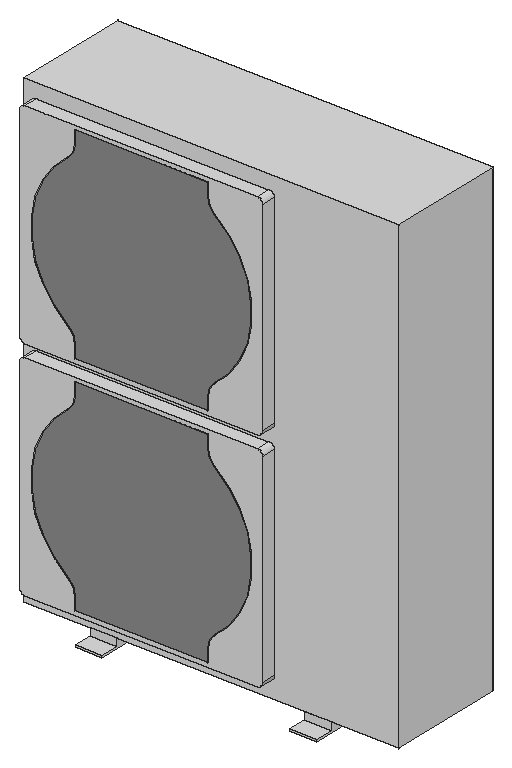
Revit family "BAXI_PLATINUM BC_SPLIT_iMax_22_(UE)", category Equipos mecánicos, Revit 2019 (continued)
Lines and regions (mm)
  model lines, not visible
    curve 175: arc (366.538, -165, 275.667) -> (373.609, -165, 278.596) -> (376.538, -165, 285.667) r 10
    curve 176: arc (246.538, -165, 275.667) -> (239.467, -165, 278.596) -> (236.538, -165, 285.667) r 10
    curve 177: arc (366.538, -165, 1095.667) -> (373.609, -165, 1092.738) -> (376.538, -165, 1085.667) r 10
    curve 178: arc (236.538, -165, 1085.667) -> (239.467, -165, 1092.738) -> (246.538, -165, 1095.667) r 10
    curve 179: line (575, -22.023, 242.164) -> (575, -22.023, 1292.164)
    curve 180: line (575, -57.023, 237.164) -> (575, -27.023, 237.164)
    curve 181: line (575, -62.023, 1292.164) -> (575, -62.023, 242.164)
    curve 182: line (575, -165, 181) -> (575, 165, 181)
    curve 183: line (575, -165, 201) -> (575, 165, 201)
    curve 184: arc (575, -57.023, 237.164) -> (575, -60.559, 238.629) -> (575, -62.023, 242.164) r 5
    curve 185: arc (575, -27.023, 237.164) -> (575, -23.488, 238.629) -> (575, -22.023, 242.164) r 5
    curve 186: arc (575, 16.454, 512.164) -> (575, 12.918, 513.629) -> (575, 11.454, 517.164) r 5
    curve 187: arc (575, 96.454, 512.164) -> (575, 99.989, 513.629) -> (575, 101.454, 517.164) r 5
    curve 188: line (275, 165, 181) -> (575, 165, 181)
    curve 189: line (275, 165, 201) -> (575, 165, 201)
    curve 190: line (-475, -67.023, 1315) -> (-475, -67.023, 26)
    curve 191: arc (362.432, 165, 251.948) -> (367.382, 165, 253.998) -> (369.432, 165, 258.948) r 7
    curve 192: arc (299.432, 165, 258.948) -> (301.482, 165, 253.998) -> (306.432, 165, 251.948) r 7
    curve 193: line (449.432, 165, 258.948) -> (449.432, 165, 1284.948)
    curve 194: line (386.432, 165, 251.948) -> (442.432, 165, 251.948)
    curve 195: line (379.432, 165, 1284.948) -> (379.432, 165, 258.948)
    curve 196: arc (442.432, 165, 251.948) -> (447.382, 165, 253.998) -> (449.432, 165, 258.948) r 7
    curve 197: arc (379.432, 165, 258.948) -> (381.482, 165, 253.998) -> (386.432, 165, 251.948) r 7
    curve 198: line (-475, -55, 1293) -> (-475, -55, 1117)
    curve 199: line (-475, -25, 1117) -> (-475, -25, 1293)
    curve 200: line (-475, -48, 1110) -> (-475, -32, 1110)
    curve 201: arc (-475, -55, 1117) -> (-475, -52.95, 1112.05) -> (-475, -48, 1110) r 7
    curve 202: arc (-475, -32, 1110) -> (-475, -27.05, 1112.05) -> (-475, -25, 1117) r 7
    curve 203: line (-475, -15, 1293) -> (-475, -15, 1117)
    curve 204: line (-475, 15, 1117) -> (-475, 15, 1293)
    curve 205: line (-475, -8, 1110) -> (-475, 8, 1110)
    curve 206: arc (-475, -15, 1117) -> (-475, -12.95, 1112.05) -> (-475, -8, 1110) r 7
    curve 207: arc (-475, 8, 1110) -> (-475, 12.95, 1112.05) -> (-475, 15, 1117) r 7
    curve 208: line (-475, 25, 1293) -> (-475, 25, 1117)
    curve 209: line (-475, 55, 1117) -> (-475, 55, 1293)
    curve 210: line (-475, 32, 1110) -> (-475, 48, 1110)
    curve 211: arc (-475, 25, 1117) -> (-475, 27.05, 1112.05) -> (-475, 32, 1110) r 7
    curve 212: arc (-475, 48, 1110) -> (-475, 52.95, 1112.05) -> (-475, 55, 1117) r 7
    curve 213: line (-475, 65, 1293) -> (-475, 65, 1117)
    curve 214: line (-475, 95, 1117) -> (-475, 95, 1293)
    curve 215: line (-475, 72, 1110) -> (-475, 88, 1110)
    curve 216: arc (-475, 65, 1117) -> (-475, 67.05, 1112.05) -> (-475, 72, 1110) r 7
    curve 217: arc (-475, 88, 1110) -> (-475, 92.95, 1112.05) -> (-475, 95, 1117) r 7
    curve 218: line (-475, -32, 1100) -> (-475, -48, 1100)
    curve 219: line (-475, -55, 1093) -> (-475, -55, 917)
    curve 220: line (-475, -25, 917) -> (-475, -25, 1093)
    curve 221: line (-475, -48, 910) -> (-475, -32, 910)
    curve 222: arc (-475, -48, 1100) -> (-475, -52.95, 1097.95) -> (-475, -55, 1093) r 7
    curve 223: arc (-475, -25, 1093) -> (-475, -27.05, 1097.95) -> (-475, -32, 1100) r 7
    curve 224: arc (-475, -55, 917) -> (-475, -52.95, 912.05) -> (-475, -48, 910) r 7
    curve 225: arc (-475, -32, 910) -> (-475, -27.05, 912.05) -> (-475, -25, 917) r 7
    curve 226: line (-475, 8, 1100) -> (-475, -8, 1100)
    curve 227: line (-475, -15, 1093) -> (-475, -15, 917)
    curve 228: line (-475, 15, 917) -> (-475, 15, 1093)
    curve 229: line (-475, -8, 910) -> (-475, 8, 910)
    curve 230: arc (-475, -8, 1100) -> (-475, -12.95, 1097.95) -> (-475, -15, 1093) r 7
    curve 231: arc (-475, 15, 1093) -> (-475, 12.95, 1097.95) -> (-475, 8, 1100) r 7
    curve 232: arc (-475, -15, 917) -> (-475, -12.95, 912.05) -> (-475, -8, 910) r 7
    curve 233: arc (-475, 8, 910) -> (-475, 12.95, 912.05) -> (-475, 15, 917) r 7
    curve 234: line (-475, 48, 1100) -> (-475, 32, 1100)
    curve 235: line (-475, 25, 1093) -> (-475, 25, 917)
    curve 236: line (-475, 55, 917) -> (-475, 55, 1093)
    curve 237: line (-475, 32, 910) -> (-475, 48, 910)
    curve 238: arc (-475, 32, 1100) -> (-475, 27.05, 1097.95) -> (-475, 25, 1093) r 7
    curve 239: arc (-475, 55, 1093) -> (-475, 52.95, 1097.95) -> (-475, 48, 1100) r 7
    curve 240: arc (-475, 25, 917) -> (-475, 27.05, 912.05) -> (-475, 32, 910) r 7
    curve 241: arc (-475, 48, 910) -> (-475, 52.95, 912.05) -> (-475, 55, 917) r 7
    curve 242: line (-475, 88, 1100) -> (-475, 72, 1100)
    curve 243: line (-475, 65, 1093) -> (-475, 65, 917)
    curve 244: line (-475, 95, 917) -> (-475, 95, 1093)
    curve 245: line (-475, 72, 910) -> (-475, 88, 910)
    curve 246: arc (-475, 72, 1100) -> (-475, 67.05, 1097.95) -> (-475, 65, 1093) r 7
    curve 247: arc (-475, 95, 1093) -> (-475, 92.95, 1097.95) -> (-475, 88, 1100) r 7
    curve 248: arc (-475, 65, 917) -> (-475, 67.05, 912.05) -> (-475, 72, 910) r 7
    curve 249: arc (-475, 88, 910) -> (-475, 92.95, 912.05) -> (-475, 95, 917) r 7
    curve 250: line (-475, -32, 900) -> (-475, -48, 900)
    curve 251: line (-475, -55, 893) -> (-475, -55, 717)
    curve 252: line (-475, -25, 717) -> (-475, -25, 893)
    curve 253: line (-475, -48, 710) -> (-475, -32, 710)
    curve 254: arc (-475, -48, 900) -> (-475, -52.95, 897.95) -> (-475, -55, 893) r 7
    curve 255: arc (-475, -25, 893) -> (-475, -27.05, 897.95) -> (-475, -32, 900) r 7
    curve 256: arc (-475, -55, 717) -> (-475, -52.95, 712.05) -> (-475, -48, 710) r 7
    curve 257: arc (-475, -32, 710) -> (-475, -27.05, 712.05) -> (-475, -25, 717) r 7
    curve 258: line (-475, 8, 900) -> (-475, -8, 900)
    curve 259: line (-475, -15, 893) -> (-475, -15, 717)
    curve 260: line (-475, 15, 717) -> (-475, 15, 893)
    curve 261: line (-475, -8, 710) -> (-475, 8, 710)
    curve 262: arc (-475, -8, 900) -> (-475, -12.95, 897.95) -> (-475, -15, 893) r 7
    curve 263: arc (-475, 15, 893) -> (-475, 12.95, 897.95) -> (-475, 8, 900) r 7
    curve 264: arc (-475, -15, 717) -> (-475, -12.95, 712.05) -> (-475, -8, 710) r 7
    curve 265: arc (-475, 8, 710) -> (-475, 12.95, 712.05) -> (-475, 15, 717) r 7
    curve 266: line (-475, 48, 900) -> (-475, 32, 900)
    curve 267: line (-475, 25, 893) -> (-475, 25, 717)
    curve 268: line (-475, 55, 717) -> (-475, 55, 893)
    curve 269: line (-475, 32, 710) -> (-475, 48, 710)
    curve 270: arc (-475, 32, 900) -> (-475, 27.05, 897.95) -> (-475, 25, 893) r 7
    curve 271: arc (-475, 55, 893) -> (-475, 52.95, 897.95) -> (-475, 48, 900) r 7
    curve 272: arc (-475, 25, 717) -> (-475, 27.05, 712.05) -> (-475, 32, 710) r 7
    curve 273: arc (-475, 48, 710) -> (-475, 52.95, 712.05) -> (-475, 55, 717) r 7
    curve 274: line (-475, 88, 900) -> (-475, 72, 900)
    curve 275: line (-475, 65, 893) -> (-475, 65, 717)
    curve 276: line (-475, 95, 717) -> (-475, 95, 893)
    curve 277: line (-475, 72, 710) -> (-475, 88, 710)
    curve 278: arc (-475, 72, 900) -> (-475, 67.05, 897.95) -> (-475, 65, 893) r 7
    curve 279: arc (-475, 95, 893) -> (-475, 92.95, 897.95) -> (-475, 88, 900) r 7
    curve 280: arc (-475, 65, 717) -> (-475, 67.05, 712.05) -> (-475, 72, 710) r 7
    curve 281: arc (-475, 88, 710) -> (-475, 92.95, 712.05) -> (-475, 95, 717) r 7
    curve 282: line (-475, -32, 700) -> (-475, -48, 700)
    curve 283: line (-475, -55, 693) -> (-475, -55, 517)
    curve 284: line (-475, -25, 517) -> (-475, -25, 693)
    curve 285: line (-475, -48, 510) -> (-475, -32, 510)
    curve 286: arc (-475, -48, 700) -> (-475, -52.95, 697.95) -> (-475, -55, 693) r 7
    curve 287: arc (-475, -25, 693) -> (-475, -27.05, 697.95) -> (-475, -32, 700) r 7
    curve 288: arc (-475, -55, 517) -> (-475, -52.95, 512.05) -> (-475, -48, 510) r 7
    curve 289: arc (-475, -32, 510) -> (-475, -27.05, 512.05) -> (-475, -25, 517) r 7
    curve 290: line (-475, 8, 700) -> (-475, -8, 700)
    curve 291: line (-475, -15, 693) -> (-475, -15, 517)
    curve 292: line (-475, 15, 517) -> (-475, 15, 693)
    curve 293: line (-475, -8, 510) -> (-475, 8, 510)
    curve 294: arc (-475, -8, 700) -> (-475, -12.95, 697.95) -> (-475, -15, 693) r 7
    curve 295: arc (-475, 15, 693) -> (-475, 12.95, 697.95) -> (-475, 8, 700) r 7
    curve 296: arc (-475, -15, 517) -> (-475, -12.95, 512.05) -> (-475, -8, 510) r 7
    curve 297: arc (-475, 8, 510) -> (-475, 12.95, 512.05) -> (-475, 15, 517) r 7
    curve 298: line (-475, 48, 700) -> (-475, 32, 700)
    curve 299: line (-475, 25, 693) -> (-475, 25, 517)
    curve 300: line (-475, 55, 517) -> (-475, 55, 693)
    curve 301: line (-475, 32, 510) -> (-475, 48, 510)
    curve 302: arc (-475, 32, 700) -> (-475, 27.05, 697.95) -> (-475, 25, 693) r 7
    curve 303: arc (-475, 55, 693) -> (-475, 52.95, 697.95) -> (-475, 48, 700) r 7
    curve 304: arc (-475, 25, 517) -> (-475, 27.05, 512.05) -> (-475, 32, 510) r 7
    curve 305: arc (-475, 48, 510) -> (-475, 52.95, 512.05) -> (-475, 55, 517) r 7
    curve 306: line (-475, -32, 500) -> (-475, -48, 500)
    curve 307: line (-475, -55, 493) -> (-475, -55, 317)
    curve 308: line (-475, -25, 317) -> (-475, -25, 493)
    curve 309: line (-475, -48, 310) -> (-475, -32, 310)
    curve 310: arc (-475, -48, 500) -> (-475, -52.95, 497.95) -> (-475, -55, 493) r 7
    curve 311: arc (-475, -25, 493) -> (-475, -27.05, 497.95) -> (-475, -32, 500) r 7
    curve 312: arc (-475, -55, 317) -> (-475, -52.95, 312.05) -> (-475, -48, 310) r 7
    curve 313: arc (-475, -32, 310) -> (-475, -27.05, 312.05) -> (-475, -25, 317) r 7
    curve 314: line (-475, 8, 500) -> (-475, -8, 500)
    curve 315: line (-475, -15, 493) -> (-475, -15, 317)
    curve 316: line (-475, 15, 317) -> (-475, 15, 493)
    curve 317: line (-475, -8, 310) -> (-475, 8, 310)
    curve 318: arc (-475, -8, 500) -> (-475, -12.95, 497.95) -> (-475, -15, 493) r 7
    curve 319: arc (-475, 15, 493) -> (-475, 12.95, 497.95) -> (-475, 8, 500) r 7
    curve 320: arc (-475, -15, 317) -> (-475, -12.95, 312.05) -> (-475, -8, 310) r 7
    curve 321: arc (-475, 8, 310) -> (-475, 12.95, 312.05) -> (-475, 15, 317) r 7
    curve 322: line (-475, 48, 500) -> (-475, 32, 500)
    curve 323: line (-475, 25, 493) -> (-475, 25, 317)
    curve 324: line (-475, 55, 317) -> (-475, 55, 493)
    curve 325: line (-475, 32, 310) -> (-475, 48, 310)
    curve 326: arc (-475, 32, 500) -> (-475, 27.05, 497.95) -> (-475, 25, 493) r 7
    curve 327: arc (-475, 55, 493) -> (-475, 52.95, 497.95) -> (-475, 48, 500) r 7
    curve 328: arc (-475, 25, 317) -> (-475, 27.05, 312.05) -> (-475, 32, 310) r 7
    curve 329: arc (-475, 48, 310) -> (-475, 52.95, 312.05) -> (-475, 55, 317) r 7
    curve 330: line (-475, 88, 500) -> (-475, 72, 500)
    curve 331: line (-475, 65, 493) -> (-475, 65, 317)
    curve 332: line (-475, 95, 317) -> (-475, 95, 493)
    curve 333: line (-475, 72, 310) -> (-475, 88, 310)
    curve 334: arc (-475, 72, 500) -> (-475, 67.05, 497.95) -> (-475, 65, 493) r 7
    curve 335: arc (-475, 95, 493) -> (-475, 92.95, 497.95) -> (-475, 88, 500) r 7
    curve 336: arc (-475, 65, 317) -> (-475, 67.05, 312.05) -> (-475, 72, 310) r 7
    curve 337: arc (-475, 88, 310) -> (-475, 92.95, 312.05) -> (-475, 95, 317) r 7
    curve 338: line (-475, -32, 300) -> (-475, -48, 300)
    curve 339: line (-475, -55, 293) -> (-475, -55, 117)
    curve 340: line (-475, -25, 117) -> (-475, -25, 293)
    curve 341: line (-475, -48, 110) -> (-475, -32, 110)
    curve 342: arc (-475, -48, 300) -> (-475, -52.95, 297.95) -> (-475, -55, 293) r 7
    curve 343: arc (-475, -25, 293) -> (-475, -27.05, 297.95) -> (-475, -32, 300) r 7
    curve 344: arc (-475, -55, 117) -> (-475, -52.95, 112.05) -> (-475, -48, 110) r 7
    curve 345: arc (-475, -32, 110) -> (-475, -27.05, 112.05) -> (-475, -25, 117) r 7
    curve 346: line (-475, 8, 300) -> (-475, -8, 300)
    curve 347: line (-475, -15, 293) -> (-475, -15, 117)
    curve 348: line (-475, 15, 117) -> (-475, 15, 293)
    curve 349: line (-475, -8, 110) -> (-475, 8, 110)
    curve 350: arc (-475, -8, 300) -> (-475, -12.95, 297.95) -> (-475, -15, 293) r 7
    curve 351: arc (-475, 15, 293) -> (-475, 12.95, 297.95) -> (-475, 8, 300) r 7
    curve 352: arc (-475, -15, 117) -> (-475, -12.95, 112.05) -> (-475, -8, 110) r 7
    curve 353: arc (-475, 8, 110) -> (-475, 12.95, 112.05) -> (-475, 15, 117) r 7
    curve 354: line (-475, 48, 300) -> (-475, 32, 300)
    curve 355: line (-475, 25, 293) -> (-475, 25, 117)
    curve 356: line (-475, 55, 117) -> (-475, 55, 293)
    curve 357: line (-475, 32, 110) -> (-475, 48, 110)
    curve 358: arc (-475, 32, 300) -> (-475, 27.05, 297.95) -> (-475, 25, 293) r 7
    curve 359: arc (-475, 55, 293) -> (-475, 52.95, 297.95) -> (-475, 48, 300) r 7
    curve 360: arc (-475, 25, 117) -> (-475, 27.05, 112.05) -> (-475, 32, 110) r 7
    curve 361: arc (-475, 48, 110) -> (-475, 52.95, 112.05) -> (-475, 55, 117) r 7
    curve 362: line (-475, 88, 300) -> (-475, 72, 300)
    curve 363: line (-475, 65, 293) -> (-475, 65, 117)
    curve 364: line (-475, 95, 117) -> (-475, 95, 293)
    curve 365: line (-475, 72, 110) -> (-475, 88, 110)
    curve 366: arc (-475, 72, 300) -> (-475, 67.05, 297.95) -> (-475, 65, 293) r 7
    curve 367: arc (-475, 95, 293) -> (-475, 92.95, 297.95) -> (-475, 88, 300) r 7
    curve 368: arc (-475, 65, 117) -> (-475, 67.05, 112.05) -> (-475, 72, 110) r 7
    curve 369: arc (-475, 88, 110) -> (-475, 92.95, 112.05) -> (-475, 95, 117) r 7
    curve 370: line (529.5, -165, 606) -> (575, -165, 606)
    curve 371: arc (522.5, -165, 599) -> (524.55, -165, 603.95) -> (529.5, -165, 606) r 7
    curve 372: line (522.5, -165, 578) -> (522.5, -165, 599)
    curve 373: arc (529.5, -165, 571) -> (524.55, -165, 573.05) -> (522.5, -165, 578) r 7
    curve 374: line (575, -165, 571) -> (529.5, -165, 571)
    curve 375: line (575, -165, 606) -> (575, -119.5, 606)
    curve 376: arc (575, -119.5, 606) -> (575, -114.55, 603.95) -> (575, -112.5, 599) r 7
    curve 377: line (575, -112.5, 599) -> (575, -112.5, 578)
    curve 378: arc (575, -112.5, 578) -> (575, -114.55, 573.05) -> (575, -119.5, 571) r 7
    curve 379: line (575, -119.5, 571) -> (575, -165, 571)
    curve 380: line (575, 119.5, 606) -> (575, 165, 606)
    curve 381: arc (575, 112.5, 599) -> (575, 114.55, 603.95) -> (575, 119.5, 606) r 7
    curve 382: line (575, 112.5, 578) -> (575, 112.5, 599)
    curve 383: arc (575, 119.5, 571) -> (575, 114.55, 573.05) -> (575, 112.5, 578) r 7
    curve 384: line (575, 165, 571) -> (575, 119.5, 571)
    curve 385: line (529.5, 165, 606) -> (575, 165, 606)
    curve 386: arc (522.5, 165, 599) -> (524.55, 165, 603.95) -> (529.5, 165, 606) r 7
    curve 387: line (522.5, 165, 578) -> (522.5, 165, 599)
    curve 388: arc (529.5, 165, 571) -> (524.55, 165, 573.05) -> (522.5, 165, 578) r 7
    curve 389: line (575, 165, 571) -> (529.5, 165, 571)
    curve 390: line (-475, 165, 606) -> (-425.58, 165, 606)
    curve 391: arc (-425.58, 165, 606) -> (-420.63, 165, 603.95) -> (-418.58, 165, 599) r 7
    curve 392: line (-418.58, 165, 599) -> (-418.58, 165, 578)
    curve 393: arc (-418.58, 165, 578) -> (-420.63, 165, 573.05) -> (-425.58, 165, 571) r 7
    curve 394: line (-425.58, 165, 571) -> (-475, 165, 571)
    curve 395: line (-475, 119.5, 606) -> (-475, 165, 606)
    curve 396: arc (-475, 112.5, 599) -> (-475, 114.55, 603.95) -> (-475, 119.5, 606) r 7
    curve 397: line (-475, 112.5, 578) -> (-475, 112.5, 599)
    curve 398: arc (-475, 119.5, 571) -> (-475, 114.55, 573.05) -> (-475, 112.5, 578) r 7
    curve 399: line (-475, 165, 571) -> (-475, 119.5, 571)
    curve 400: line (-475, -165, 606) -> (-475, -119.5, 606)
    curve 401: arc (-475, -119.5, 606) -> (-475, -114.55, 603.95) -> (-475, -112.5, 599) r 7
    curve 402: line (-475, -112.5, 599) -> (-475, -112.5, 578)
    curve 403: arc (-475, -112.5, 578) -> (-475, -114.55, 573.05) -> (-475, -119.5, 571) r 7
    curve 404: line (-475, -119.5, 571) -> (-475, -165, 571)
    curve 405: line (-475, -165, 606) -> (-429.5, -165, 606)
    curve 406: arc (-429.5, -165, 606) -> (-424.55, -165, 603.95) -> (-422.5, -165, 599) r 7
    curve 407: line (-422.5, -165, 599) -> (-422.5, -165, 578)
    curve 408: arc (-422.5, -165, 578) -> (-424.55, -165, 573.05) -> (-429.5, -165, 571) r 7
    curve 409: line (-429.5, -165, 571) -> (-475, -165, 571)
Dimensions and locks
  "Distancia trasera Valor": plane 8 to plane 4
  "Profundidad": plane 4 to plane 6
  locked: plane 12 to level at 450
  locked: plane 11 to plane 2 at 442
  locked: plane 15 to plane 2 at 369
  locked: plane 16 to plane 15 at 632
  locked: plane 17 to plane 2 at 26
  "Altura": plane 19 to plane 2
  locked: plane 19 to plane 20 at 12
  equal spacing: plane 22, plane 3 "Center (Left/Right)", plane 21
  locked: plane 22 to plane 21 at 1050
  "Distancia lateral Izq. Valor": nested 3 to plane 21
  "Distancia lateral Der. Valor": plane 22 to nested 3
  "Distancia delantera Valor": plane 6 to nested 3
  "Distancia superior Valor": nested 3 to plane 19
  plane 25 to plane 24 = 61.000 mm
  plane 24 to plane 22 = 42.000 mm
  plane 7 to plane 6 = 56.000 mm
  plane 5 to plane 6 = 40.000 mm
  plane 30 to level = 985.000 mm
  plane 31 to level = 985.000 mm
  plane 23 to plane 21 = 362.000 mm
  radius of Extrusion 4 sketch curve = 7.940 mm
  radius of Extrusion 3 sketch curve = 4.760 mm
  diameter of Extrusion 19 sketch curve = 9.530 mm
  diameter of Extrusion 18 sketch curve = 15.900 mm
  aligned and locked: level to plane 2
  aligned and locked: Extrusion 21 to Extrusion 17
  aligned and locked: plane 6 to Extrusion 24
  aligned and locked: curve 617 to curve 431
  aligned and locked: curve 1 to curve 619
  aligned and locked: Extrusion 18 to plane 11
  aligned and locked: Extrusion 19 to plane 12
  aligned and locked: Extrusion 21 to plane 17
  aligned and locked: plane 17 to nested 1
  aligned and locked: Extrusion 21 to nested 2
  aligned and locked: plane 20 to curve 1
  aligned and locked: Extrusion 21 to plane 19
  aligned and locked: Extrusion 17 to plane 19
  aligned and locked: plane 21 to Extrusion 21 sketch curve
  aligned and locked: plane 22 to Extrusion 21 sketch curve
  aligned and locked: plane 21 to Extrusion 17 sketch curve
  aligned and locked: plane 22 to Extrusion 17 sketch curve
  aligned and locked: plane 22 to curve 418
  aligned and locked: plane 24 to Extrusion 18 sketch curve
  aligned and locked: plane 7 to Extrusion 18 sketch curve
  aligned and locked: plane 5 to Extrusion 19 sketch curve
  aligned and locked: plane 25 to Extrusion 19 sketch curve
  aligned and locked: Extrusion 22 to plane 26
  aligned and locked: Extrusion 25 to plane 27
  aligned and locked: nested 3 to plane 8
  aligned and locked: plane 21 to nested 3
Automatic sketch dimensions
  curve 1 to plane 21 = 0.000 mm
  plane 22 to curve 1 = 0.000 mm
  plane 1 "Center (Front/Back)" to Extrusion 25 sketch curve = 11.000 mm
  plane 21 to Extrusion 25 sketch curve = 45.000 mm
  Extrusion 25 sketch curve to Extrusion 25 sketch curve = 16.500 mm
  plane 13 to curve 785 = 8.016 mm
  plane 21 to curve 785 = 45.123 mm
  curve 777 to curve 785 = 0.000 mm
  curve 769 to curve 777 = 0.000 mm
  curve 777 to curve 779 = 7.000 mm
  curve 785 to curve 787 = 7.000 mm
  curve 771 to plane 5 = 2.984 mm
  curve 769 to curve 771 = 7.000 mm
  curve 778 to curve 773 = 7.000 mm
  curve 786 to plane 14 = 1.984 mm
  curve 786 to curve 786 = 7.000 mm
  curve 770 to curve 765 = 7.000 mm
  curve 764 to plane 24 = 10.140 mm
  curve 775 to plane 24 = 10.140 mm
  curve 772 to plane 24 = 10.140 mm
  curve 767 to plane 24 = 10.140 mm
  curve 780 to curve 773 = 0.000 mm
  curve 781 to plane 24 = 10.140 mm
  curve 782 to plane 14 = 1.984 mm
  curve 774 to plane 24 = 3.140 mm
  curve 766 to plane 24 = 3.140 mm
  plane 7 to curve 766 = 52.016 mm
  curve 765 to curve 772 = 10.000 mm
  plane 29 to curve 774 = 13.016 mm
  curve 627 to plane 19 = 0.000 mm
  plane 22 to curve 627 = 0.000 mm
  curve 411 to plane 17 = 0.000 mm
  curve 411 to plane 20 = 0.000 mm
  curve 627 to plane 21 = 0.000 mm
  plane 31 to curve 790 = 3.017 mm
  curve 790 to plane 25 = 87.029 mm
  curve 789 to plane 16 = 5.983 mm
  curve 790 to curve 794 = 7.000 mm
  curve 789 to curve 789 = 106.000 mm
  plane 28 to curve 795 = 47.990 mm
  curve 794 to curve 795 = 106.000 mm
  curve 795 to curve 791 = 7.000 mm
  plane 3 "Center (Left/Right)" to curve 411 = 192.000 mm
  curve 796 to plane 20 = 0.000 mm
  curve 796 to plane 21 = 0.000 mm
  plane 22 to curve 420 = 0.000 mm
  plane 22 to curve 796 = 0.000 mm
  plane 22 to curve 421 = 0.000 mm
  curve 761 to plane 20 = 25.884 mm
  curve 761 to plane 25 = 83.664 mm
  curve 762 to curve 763 = 2.000 mm
  curve 760 to curve 759 = 2.000 mm
  curve 759 to curve 759 = 31.000 mm
  curve 754 to curve 754 = 31.000 mm
  curve 761 to curve 757 = 35.000 mm
  curve 755 to curve 752 = 20.000 mm
  curve 752 to curve 753 = 2.000 mm
  curve 750 to curve 750 = 2.000 mm
  plane 25 to curve 749 = 4.336 mm
  plane 25 to curve 745 = 4.336 mm
  curve 745 to curve 746 = 2.000 mm
  curve 750 to curve 757 = 0.000 mm
  plane 12 to curve 761 = 202.959 mm
  curve 756 to curve 761 = 0.000 mm
  curve 746 to curve 756 = 0.000 mm
  curve 751 to curve 756 = 0.000 mm
  plane 28 to curve 752 = 37.932 mm
  plane 28 to curve 762 = 37.932 mm
  curve 421 to plane 28 = 28.027 mm
  curve 421 to curve 754 = 46.336 mm
  curve 421 to curve 420 = 0.000 mm
  curve 420 to curve 421 = 20.000 mm
  curve 639 to plane 6 = 0.000 mm
  curve 640 to plane 6 = 0.000 mm
  curve 626 to plane 6 = 0.000 mm
  curve 739 to plane 28 = 0.000 mm
  curve 732 to plane 29 = 0.000 mm
  curve 731 to plane 11 = 0.000 mm
  curve 626 to plane 4 = 0.000 mm
  curve 632 to plane 4 = 0.000 mm
  curve 633 to plane 4 = 0.000 mm
  curve 626 to plane 19 = 0.000 mm
  curve 640 to plane 7 = 6.000 mm
  plane 28 to curve 736 = 7.000 mm
  plane 7 to curve 736 = 34.020 mm
  curve 736 to curve 738 = 7.000 mm
  curve 740 to curve 741 = 16.000 mm
  curve 739 to curve 739 = 16.000 mm
  plane 28 to curve 737 = 7.000 mm
  plane 29 to curve 735 = 7.000 mm
  plane 29 to curve 731 = 7.000 mm
  plane 13 to curve 731 = 29.000 mm
  plane 13 to curve 730 = 29.000 mm
  curve 729 to plane 12 = 1.000 mm
  curve 634 to plane 10 = 7.000 mm
  plane 12 to curve 639 = 170.128 mm
  plane 12 to curve 634 = 170.128 mm
  curve 639 to curve 640 = 50.029 mm
  curve 632 to curve 633 = 50.029 mm
  curve 740 to plane 20 = 30.878 mm
  curve 734 to plane 20 = 30.842 mm
  plane 22 to curve 629 = 0.000 mm
  plane 22 to curve 631 = 0.000 mm
  curve 431 to plane 19 = 0.000 mm
  plane 22 to curve 431 = 0.000 mm
  curve 635 to plane 17 = 0.000 mm
  curve 413 to plane 17 = 0.000 mm
  curve 426 to plane 3 "Center (Left/Right)" = 0.000 mm
  curve 618 to plane 17 = 0.000 mm
  curve 618 to plane 20 = 0.000 mm
  curve 622 to plane 21 = 0.000 mm
  curve 620 to plane 21 = 0.000 mm
  curve 431 to plane 21 = 0.000 mm
  curve 630 to plane 24 = 8.000 mm
  curve 620 to curve 620 = 50.000 mm
  plane 12 to curve 620 = 170.128 mm
  plane 12 to curve 629 = 170.128 mm
  curve 629 to curve 631 = 50.029 mm
  curve 620 to curve 621 = 50.029 mm
  curve 635 to plane 25 = 128.000 mm
  curve 428 to plane 25 = 148.000 mm
  curve 412 to curve 415 = 18.000 mm
  curve 417 to plane 23 = 41.000 mm
  curve 425 to plane 20 = 34.000 mm
  plane 21 to curve 425 = 120.000 mm
  curve 428 to curve 621 = 8.000 mm
  curve 413 to curve 412 = 28.000 mm
  curve 416 to curve 415 = 8.000 mm
  plane 28 to curve 430 = 37.973 mm
  plane 12 to curve 429 = 25.000 mm
  curve 630 to curve 428 = 9.842 mm
  curve 427 to plane 31 = 103.000 mm
  plane 16 to curve 414 = 86.000 mm
  Extrusion 17 sketch curve to plane 6 = 0.000 mm
  Extrusion 17 sketch curve to plane 4 = 0.000 mm
  plane 21 to Extrusion 17 sketch curve = 0.500 mm
  Extrusion 17 sketch curve to Extrusion 17 sketch curve = 0.500 mm
  plane 22 to Extrusion 17 sketch curve = 0.500 mm
  plane 6 to Extrusion 17 sketch curve = 0.500 mm
  Extrusion 17 to curve 418 = 175.000 mm
  Extrusion 17 to curve 419 = 0.500 mm
  Extrusion 17 to curve 419 = 155.000 mm
  curve 419 to Extrusion 17 = 332.500 mm
  curve 418 to curve 419 = 0.000 mm
  Extrusion 20 sketch curve to Extrusion 17 = 104.500 mm
  Extrusion 20 sketch curve to Extrusion 20 sketch curve = 150.000 mm
  Extrusion 17 to Extrusion 20 sketch curve = 326.666 mm
  Extrusion 20 sketch curve to Extrusion 20 sketch curve = 52.667 mm
  Extrusion 21 sketch curve to plane 6 = 0.000 mm
  Extrusion 21 sketch curve to plane 4 = 0.000 mm
  plane 21 to Extrusion 21 sketch curve = 0.500 mm  (x2)
  Extrusion 21 sketch curve to Extrusion 21 sketch curve = 0.500 mm
  plane 22 to Extrusion 21 sketch curve = 0.500 mm
  Extrusion 22 sketch curve to Extrusion 17 = 347.500 mm
  Extrusion 22 sketch curve to Extrusion 22 sketch curve = 0.000 mm
  Extrusion 22 sketch curve to Extrusion 17 = 21.500 mm  (x2)
  Extrusion 17 to Extrusion 22 sketch curve = 39.000 mm
  Extrusion 22 sketch curve to Extrusion 22 sketch curve = 596.000 mm
  Extrusion 22 sketch curve to Extrusion 22 sketch curve = 36.000 mm
  Extrusion 17 to Extrusion 22 sketch curve = 45.000 mm
  Extrusion 23 sketch curve to plane 15 = 0.000 mm  (x2)
  Extrusion 23 sketch curve to plane 16 = 0.000 mm  (x2)
  Extrusion 23 sketch curve to plane 20 = 42.000 mm
  plane 3 "Center (Left/Right)" to Extrusion 23 sketch curve = 177.000 mm
  Extrusion 23 sketch curve to Extrusion 23 sketch curve = 0.000 mm  (x7)
  Extrusion 23 sketch curve to Extrusion 23 sketch curve = 15.000 mm  (x6)
  plane 3 "Center (Left/Right)" to Extrusion 23 sketch curve = 74.000 mm  (x4)
  plane 3 "Center (Left/Right)" to Extrusion 23 sketch curve = 24.000 mm  (x4)
  plane 23 to Extrusion 23 sketch curve = 41.562 mm  (x2)
  Extrusion 23 sketch curve to plane 23 = 41.562 mm  (x2)
  plane 21 to Extrusion 23 sketch curve = 175.000 mm  (x3)
  Extrusion 23 sketch curve to plane 20 = 74.827 mm
  Extrusion 23 sketch curve to Extrusion 23 sketch curve = 50.000 mm  (x4)
  plane 21 to Extrusion 23 sketch curve = 37.000 mm  (x3)
  Extrusion 23 sketch curve to plane 20 = 37.000 mm
  Extrusion 23 sketch curve to Extrusion 23 sketch curve = 37.827 mm  (x5)
  Extrusion 23 sketch curve to plane 31 = 234.173 mm  (x2)
  Extrusion 23 sketch curve to Extrusion 23 sketch curve = 32.827 mm
  Extrusion 23 sketch curve to Extrusion 23 sketch curve = 36.000 mm
  Extrusion 23 sketch curve to Extrusion 23 sketch curve = 56.000 mm
  plane 17 to Extrusion 23 sketch curve = 92.827 mm  (x2)
  plane 17 to Extrusion 23 sketch curve = 60.000 mm
  plane 21 to Extrusion 24 sketch curve = 84.288 mm  (x2)
  Extrusion 24 sketch curve to Extrusion 24 sketch curve = 2.000 mm  (x6)
  Extrusion 24 sketch curve to Extrusion 24 sketch curve = 86.000 mm  (x2)
  Extrusion 24 sketch curve to Extrusion 24 sketch curve = 0.000 mm  (x2)
  plane 12 to Extrusion 24 sketch curve = 180.158 mm
  Extrusion 24 sketch curve to Extrusion 24 sketch curve = 20.842 mm  (x4)
  Extrusion 24 sketch curve to Extrusion 24 sketch curve = 5.158 mm  (x2)
  Extrusion 24 sketch curve to plane 20 = 63.842 mm
  plane 22 to curve 636 = 0.000 mm
  curve 725 to plane 21 = 0.000 mm
  curve 727 to plane 21 = 0.000 mm
  plane 22 to curve 638 = 0.000 mm
  curve 636 to plane 24 = 8.000 mm
  plane 12 to curve 636 = 170.128 mm
  plane 21 to curve 726 = 50.000 mm
  plane 12 to curve 726 = 170.128 mm
  curve 636 to curve 638 = 50.029 mm
  curve 725 to curve 726 = 50.029 mm
  Extrusion 26 sketch curve to plane 16 = 0.000 mm  (x2)
  Extrusion 26 sketch curve to plane 15 = 0.000 mm  (x2)
  plane 21 to Extrusion 26 sketch curve = 125.000 mm  (x4)
  Extrusion 26 sketch curve to Extrusion 26 sketch curve = 50.000 mm  (x8)
  Extrusion 26 sketch curve to plane 23 = 41.562 mm  (x2)
  plane 23 to Extrusion 26 sketch curve = 41.562 mm  (x2)
  plane 3 "Center (Left/Right)" to Extrusion 26 sketch curve = 24.000 mm  (x4)
  plane 17 to Extrusion 26 sketch curve = 92.827 mm  (x2)
  Extrusion 26 sketch curve to Extrusion 26 sketch curve = 37.827 mm  (x4)
  plane 12 to Extrusion 26 sketch curve = 169.173 mm  (x2)
  Extrusion 26 sketch curve to Extrusion 26 sketch curve = 56.000 mm
  Extrusion 26 sketch curve to plane 20 = 74.827 mm  (x2)
  Extrusion 26 sketch curve to plane 20 = 37.000 mm
  Extrusion 26 sketch curve to Extrusion 26 sketch curve = 0.000 mm  (x4)
  curve 432 to plane 17 = 0.000 mm
  curve 590 to plane 29 = 0.000 mm
  curve 558 to plane 29 = 0.000 mm
  curve 539 to plane 29 = 0.000 mm
  curve 623 to plane 4 = 0.000 mm
  curve 722 to plane 6 = 0.000 mm
  curve 624 to plane 4 = 0.000 mm
  curve 723 to plane 6 = 0.000 mm
  curve 507 to plane 29 = 0.000 mm
  curve 475 to plane 29 = 0.000 mm
  curve 446 to plane 29 = 0.000 mm
  curve 628 to plane 6 = 0.000 mm
  curve 628 to plane 20 = 0.000 mm
  curve 617 to plane 4 = 0.000 mm
  curve 628 to plane 4 = 0.000 mm
  curve 617 to plane 6 = 0.000 mm
  plane 29 to curve 592 = 7.000 mm
  curve 592 to plane 28 = 89.964 mm
  plane 1 "Center (Front/Back)" to curve 584 = 8.000 mm
  curve 584 to curve 590 = 7.000 mm
  curve 576 to curve 584 = 0.000 mm
  curve 596 to curve 600 = 0.000 mm
  curve 600 to curve 603 = 7.000 mm
  curve 587 to curve 587 = 7.000 mm
  curve 576 to curve 574 = 7.000 mm
  curve 588 to curve 588 = 7.000 mm
  curve 580 to curve 575 = 7.000 mm
  curve 604 to curve 599 = 7.000 mm
  curve 592 to curve 596 = 7.000 mm
  curve 594 to plane 13 = 6.000 mm
  curve 594 to plane 15 = 46.937 mm
  curve 582 to plane 15 = 46.937 mm
  plane 29 to curve 593 = 7.000 mm
  curve 593 to curve 594 = 0.000 mm
  curve 575 to curve 585 = 0.000 mm
  curve 577 to curve 578 = 0.000 mm
  curve 591 to curve 598 = 0.000 mm
  curve 601 to curve 599 = 0.000 mm
  curve 583 to curve 593 = 0.000 mm
  curve 577 to curve 573 = 7.000 mm
  curve 585 to curve 581 = 7.000 mm
  curve 602 to curve 597 = 7.000 mm
  curve 597 to curve 568 = 10.000 mm
  curve 581 to curve 552 = 10.000 mm
  curve 573 to curve 544 = 10.000 mm
  curve 589 to curve 560 = 10.000 mm
  curve 571 to curve 571 = 7.000 mm
  curve 556 to curve 551 = 7.000 mm
  curve 552 to curve 550 = 7.000 mm
  curve 548 to curve 548 = 7.000 mm
  curve 572 to curve 567 = 7.000 mm
  curve 544 to curve 547 = 7.000 mm
  curve 563 to curve 558 = 7.000 mm
  curve 560 to curve 564 = 7.000 mm
  curve 562 to plane 13 = 6.000 mm
  plane 12 to curve 562 = 75.063 mm
  plane 1 "Center (Front/Back)" to curve 546 = 32.000 mm
  plane 12 to curve 546 = 75.063 mm
  plane 29 to curve 561 = 7.000 mm
  curve 561 to curve 562 = 0.000 mm
  curve 545 to curve 546 = 0.000 mm
  curve 543 to curve 550 = 0.000 mm
  curve 551 to curve 558 = 0.000 mm
  curve 559 to curve 566 = 0.000 mm
  curve 569 to curve 567 = 0.000 mm
  curve 569 to curve 565 = 7.000 mm
  curve 545 to curve 541 = 7.000 mm
  curve 553 to curve 549 = 7.000 mm
  curve 541 to curve 520 = 10.000 mm
  curve 549 to curve 528 = 10.000 mm
  curve 557 to curve 536 = 10.000 mm
  curve 528 to curve 532 = 7.000 mm
  curve 536 to curve 540 = 7.000 mm
  plane 29 to curve 539 = 7.000 mm
  curve 524 to curve 519 = 7.000 mm
  curve 523 to curve 518 = 7.000 mm
  curve 528 to curve 526 = 7.000 mm
  curve 623 to plane 10 = 7.000 mm
  curve 565 to curve 623 = 88.065 mm
  curve 724 to plane 7 = 6.000 mm
  curve 523 to curve 724 = 71.065 mm
  curve 722 to curve 724 = 50.029 mm
  curve 623 to curve 625 = 50.029 mm
  curve 530 to plane 1 "Center (Front/Back)" = 8.000 mm
  curve 624 to curve 530 = 54.905 mm
  curve 527 to curve 534 = 0.000 mm
  plane 13 to curve 535 = 1.000 mm
  curve 537 to curve 535 = 0.000 mm
  plane 1 "Center (Front/Back)" to curve 529 = 8.000 mm
  curve 529 to curve 530 = 0.000 mm
  curve 519 to curve 526 = 0.000 mm
  curve 518 to curve 522 = 0.000 mm
  curve 521 to curve 517 = 7.000 mm
  plane 29 to curve 533 = 7.000 mm
  curve 530 to curve 525 = 7.000 mm
  curve 538 to curve 504 = 10.000 mm
  curve 525 to curve 496 = 10.000 mm
  curve 522 to curve 488 = 10.000 mm
  curve 538 to curve 512 = 17.000 mm
  curve 512 to curve 510 = 7.000 mm
  curve 488 to curve 492 = 7.000 mm
  curve 512 to curve 516 = 7.000 mm
  curve 508 to curve 508 = 7.000 mm
  plane 29 to curve 507 = 7.000 mm
  curve 488 to curve 491 = 7.000 mm
  curve 499 to curve 494 = 7.000 mm
  curve 500 to curve 495 = 7.000 mm
  curve 502 to plane 31 = 62.937 mm
  plane 13 to curve 503 = 1.000 mm
  curve 505 to curve 503 = 0.000 mm
  curve 503 to curve 514 = 0.000 mm
  plane 1 "Center (Front/Back)" to curve 490 = 32.000 mm
  curve 490 to curve 505 = 0.000 mm
  curve 498 to plane 1 "Center (Front/Back)" = 8.000 mm
  curve 498 to curve 505 = 0.000 mm
  plane 1 "Center (Front/Back)" to curve 497 = 8.000 mm
  curve 497 to curve 498 = 0.000 mm
  curve 489 to curve 490 = 0.000 mm
  curve 513 to curve 514 = 0.000 mm
  curve 498 to curve 493 = 7.000 mm
  plane 29 to curve 501 = 7.000 mm
  curve 514 to curve 509 = 7.000 mm
  curve 489 to curve 485 = 7.000 mm
  curve 501 to curve 472 = 10.000 mm
  curve 493 to curve 464 = 10.000 mm
  curve 485 to curve 456 = 10.000 mm
  curve 509 to curve 480 = 10.000 mm
  curve 480 to curve 478 = 7.000 mm
  curve 484 to curve 479 = 7.000 mm
  curve 456 to curve 459 = 7.000 mm
  curve 472 to curve 476 = 7.000 mm
  curve 460 to curve 455 = 7.000 mm
  plane 29 to curve 475 = 7.000 mm
  curve 464 to curve 462 = 7.000 mm
  curve 468 to curve 463 = 7.000 mm
  plane 16 to curve 454 = 121.063 mm
  curve 457 to curve 455 = 0.000 mm
  curve 458 to curve 470 = 0.000 mm
  plane 13 to curve 471 = 1.000 mm
  curve 473 to curve 471 = 0.000 mm
  curve 471 to curve 482 = 0.000 mm
  curve 466 to plane 1 "Center (Front/Back)" = 8.000 mm
  curve 466 to curve 470 = 0.000 mm
  plane 1 "Center (Front/Back)" to curve 465 = 8.000 mm
  curve 465 to curve 466 = 0.000 mm
  curve 481 to curve 482 = 0.000 mm
  curve 481 to curve 477 = 7.000 mm
  curve 466 to curve 461 = 7.000 mm
  plane 29 to curve 469 = 7.000 mm
  curve 457 to curve 453 = 7.000 mm
  curve 461 to curve 440 = 10.000 mm
  curve 477 to curve 450 = 10.000 mm
  curve 453 to curve 435 = 10.000 mm
  curve 469 to curve 445 = 10.000 mm
  plane 29 to curve 446 = 7.000 mm
  curve 445 to curve 447 = 7.000 mm
  curve 437 to curve 434 = 7.000 mm
  curve 451 to curve 448 = 7.000 mm
  curve 450 to curve 449 = 7.000 mm
  curve 440 to curve 442 = 7.000 mm
  curve 436 to curve 433 = 7.000 mm
  curve 440 to curve 441 = 7.000 mm
  plane 13 to curve 444 = 1.000 mm
  curve 444 to plane 20 = 13.937 mm
  curve 607 to plane 20 = 13.937 mm
  curve 444 to curve 448 = 0.000 mm
  curve 443 to plane 20 = 13.937 mm
  curve 439 to curve 443 = 0.000 mm
  curve 609 to plane 20 = 13.937 mm
  curve 606 to plane 20 = 13.937 mm
  curve 449 to plane 20 = 13.937 mm
  curve 614 to plane 20 = 6.937 mm
  curve 611 to plane 20 = 6.937 mm
  curve 605 to plane 20 = 6.937 mm
  curve 608 to plane 20 = 6.937 mm
  curve 479 to plane 10 = 27.000 mm
  curve 599 to plane 10 = 27.000 mm
  curve 449 to plane 10 = 27.000 mm
  curve 567 to plane 10 = 27.000 mm
  curve 511 to plane 10 = 27.000 mm
  curve 604 to curve 603 = 16.000 mm
  curve 572 to curve 571 = 16.000 mm
  curve 452 to curve 450 = 16.000 mm
  curve 509 to curve 509 = 16.000 mm
  curve 484 to curve 483 = 16.000 mm
  curve 593 to curve 583 = 10.000 mm
  curve 558 to curve 551 = 10.000 mm
  curve 446 to curve 439 = 10.000 mm
  plane 1 "Center (Front/Back)" to curve 549 = 8.000 mm
  plane 1 "Center (Front/Back)" to curve 608 = 8.000 mm
  curve 462 to curve 455 = 10.000 mm
  curve 438 to curve 434 = 10.000 mm
  curve 582 to curve 575 = 10.000 mm
  curve 526 to curve 519 = 10.000 mm
  curve 546 to curve 545 = 16.000 mm
  curve 435 to curve 435 = 16.000 mm
  curve 485 to curve 485 = 16.000 mm
  curve 460 to curve 459 = 16.000 mm
  curve 520 to curve 541 = 0.000 mm
  curve 573 to curve 544 = 0.000 mm
  plane 7 to curve 432 = 41.977 mm
  curve 422 to plane 1 "Center (Front/Back)" = 0.000 mm
  curve 422 to plane 17 = 0.000 mm
  curve 423 to plane 6 = 0.000 mm
  curve 423 to plane 4 = 0.000 mm
  curve 424 to plane 6 = 0.000 mm
  curve 424 to plane 4 = 0.000 mm
  curve 647 to plane 28 = 0.000 mm
  curve 647 to plane 29 = 0.000 mm
  curve 655 to plane 29 = 0.000 mm
  curve 663 to plane 29 = 0.000 mm
  curve 671 to plane 29 = 0.000 mm
  curve 679 to plane 29 = 0.000 mm
  curve 687 to plane 29 = 0.000 mm
  curve 695 to plane 29 = 0.000 mm
  curve 703 to plane 29 = 0.000 mm
  curve 711 to plane 29 = 0.000 mm
  curve 719 to plane 29 = 0.000 mm
  curve 619 to plane 4 = 0.000 mm
  curve 619 to plane 6 = 0.000 mm
  curve 648 to plane 28 = 3.000 mm
  curve 644 to plane 28 = 3.000 mm
  curve 647 to curve 646 = 4.000 mm
  curve 648 to curve 649 = 4.000 mm
  curve 649 to curve 643 = 3.000 mm
  curve 643 to curve 650 = 5.000 mm
  curve 656 to curve 653 = 3.000 mm
  curve 655 to curve 655 = 3.000 mm
  curve 655 to curve 654 = 4.000 mm
  curve 656 to curve 657 = 4.000 mm
  curve 657 to curve 651 = 3.000 mm
  curve 651 to curve 658 = 5.000 mm
  curve 664 to curve 664 = 3.000 mm
  curve 663 to curve 663 = 3.000 mm
  curve 661 to curve 661 = 4.000 mm
  curve 663 to curve 662 = 4.000 mm
  curve 659 to plane 29 = 3.000 mm
  curve 659 to curve 666 = 5.000 mm
  curve 671 to curve 671 = 3.000 mm
  curve 672 to curve 672 = 3.000 mm
  curve 671 to curve 670 = 4.000 mm
  curve 672 to curve 673 = 4.000 mm
  curve 667 to plane 29 = 3.000 mm
  curve 667 to curve 674 = 5.000 mm
  curve 680 to curve 680 = 3.000 mm
  curve 679 to curve 679 = 3.000 mm
  curve 677 to curve 677 = 4.000 mm
  curve 679 to curve 678 = 4.000 mm
  curve 675 to plane 29 = 3.000 mm
  curve 675 to curve 682 = 5.000 mm
  curve 688 to curve 688 = 3.000 mm
  curve 687 to curve 687 = 3.000 mm
  curve 685 to curve 685 = 4.000 mm
  curve 687 to curve 686 = 4.000 mm
  curve 683 to plane 29 = 3.000 mm
  curve 683 to curve 690 = 5.000 mm
  curve 695 to curve 695 = 3.000 mm
  curve 696 to curve 696 = 3.000 mm
  curve 695 to curve 694 = 4.000 mm
  curve 696 to curve 697 = 4.000 mm
  curve 691 to plane 29 = 3.000 mm
  curve 691 to curve 698 = 5.000 mm
  curve 703 to curve 703 = 3.000 mm
  curve 704 to curve 701 = 3.000 mm
  curve 703 to curve 702 = 4.000 mm
  curve 704 to curve 705 = 4.000 mm
  curve 699 to plane 29 = 3.000 mm
  curve 699 to curve 706 = 5.000 mm
  curve 712 to curve 712 = 3.000 mm
  curve 706 to curve 708 = 3.000 mm
  curve 711 to curve 710 = 4.000 mm
  curve 709 to curve 709 = 4.000 mm
  curve 707 to plane 29 = 3.000 mm
  plane 15 to curve 714 = 4.973 mm
  plane 15 to curve 719 = 1.973 mm
  plane 15 to curve 720 = 1.973 mm
  curve 718 to plane 15 = 2.027 mm
  curve 721 to plane 15 = 2.027 mm
  curve 721 to curve 715 = 3.000 mm
  plane 10 to curve 717 = 32.000 mm
  curve 709 to curve 714 = 3.000 mm
  curve 701 to curve 706 = 3.000 mm
  plane 10 to curve 645 = 32.000 mm
  curve 693 to curve 698 = 3.000 mm
  curve 685 to curve 690 = 3.000 mm
  curve 677 to curve 682 = 3.000 mm
  curve 669 to curve 674 = 3.000 mm
  curve 653 to curve 643 = 3.000 mm
  curve 661 to curve 651 = 3.000 mm
  plane 28 to curve 423 = 48.027 mm
  curve 423 to curve 424 = 20.000 mm
Nested families
  nested 1: "Leg" at (300, -9.15, 0) x (0, -1, 0) z (0, 0, 1), type "Leg"
  nested 2: "Leg" at (-300, -9.15, 0) x (0, -1, 0) z (0, 0, 1), type "Leg"
  nested 3: "Service Space" at (250, 165, 0), visible <- "Espacio mantenimiento", type "Service Space"
    with Show Service Area yes, Top Clearance 300.000 mm, Right Clearance 500.000 mm, Left Clearance 1500.000 mm, Front Clearance 1000.000 mm, Length 1050.000 mm
Connectors
  piping at (422, -125, 450), diameter 12.7, driven by "Diametro líquido refrigerante"
    settings: on Extrusion 19, index 7, connector inside diameter 609.6 mm, connector length 0.000 mm, flow factor 0, pipe flow 0.0 L/s, pressure drop 0.0 Pa, fitting loss kfactor 0, connector angle 0.00°, fixture units 0, engagement length 0.000 mm, angle of deflection 0.00°, flow configuration 0, flow direction 0, fitting loss method 0, system type 29, joint type 0, gender type 0, connector reference index -1, connector utility 0, adjustable connector no, is connector primary yes, connector description "Freon1"
  piping at (483, -109, 442), diameter 19, driven by "Diametro gas refrigerante"
    settings: on Extrusion 18, index 8, connector inside diameter 609.6 mm, connector length 0.000 mm, flow factor 0, pipe flow 0.0 L/s, pressure drop 0.0 Pa, fitting loss kfactor 0, connector angle 0.00°, fixture units 0, engagement length 0.000 mm, angle of deflection 0.00°, flow configuration 0, flow direction 0, fitting loss method 0, system type 29, joint type 0, gender type 0, connector reference index -1, connector utility 0, adjustable connector no, is connector primary no, connector description "Freon2"
  electrical at (345, -165, 985), driven by "Phase", driven by "Voltage"
    settings: on Extrusion 20, index 9, voltage 400 V, apparent load 0 VA, apparent load phase1 0 VA, apparent load phase2 0 VA, apparent load phase3 0 VA, power factor 1, load classification "Other", number of poles 3, system type 30, power factor state 1, is connector primary yes, connector utility no, sub classification motor no, connector description "Power - Balanced"
  piping at (-480, -11, 15), diameter 32, driven by "Drenaje"
    settings: on Extrusion 25, index 10, connector inside diameter 609.6 mm, connector length 0.000 mm, flow factor 0, pipe flow 0.0 L/s, pressure drop 0.0 Pa, fitting loss kfactor 0, connector angle 0.00°, fixture units 0, engagement length 0.000 mm, angle of deflection 0.00°, flow configuration 3, flow direction 2, fitting loss method 0, system type 16, joint type 0, gender type 0, connector reference index -1, connector utility 0, adjustable connector no, is connector primary no, connector description "Drain"
Definition of nested family "Leg"
  Parameters (values of type "Leg")
    White = none
    Watermarked By = ""
    Type Comments = "﻿﻿                           ​​               ​  ​     ﻿         ﻿      ​                         ​     ​              ​         ﻿﻿   ﻿       ​            ​  ​  ​                      ﻿﻿"
    Keynote = "﻿﻿                           ​​               ​  ​     ﻿         ﻿      ​                         ​     ​              ​         ﻿﻿   ﻿       ​            ​  ​  ​                      ﻿﻿"
    Description = "﻿﻿                           ​​               ​  ​     ﻿         ﻿      ​                         ​     ​              ​         ﻿﻿   ﻿       ​            ​  ​  ​                      ﻿﻿"
    Assembly Code = "﻿﻿                           ​​               ​  ​     ﻿         ﻿      ​                         ​     ​              ​         ﻿﻿   ﻿       ​            ​  ​  ​                      ﻿﻿"
  Reference planes
    plane 1 "Center (Front/Back)": y = 0
    plane 2: z = 0
    plane 3 "Center (Left/Right)": x = 0
    plane 4: z = 26
  Forms (mm)
    Extrusion 1, solid, material <- "White", detail levels fine
      sketch origin (0, 0, 0) x (1, 0, 0) y (0, 0, 1)
        loop
          line (-174.15, 5) -> (-208.35, 5) -> (-208.35, 0) -> (208.65, 0) -> (208.65, 5) -> (155.85, 5) -> (155.85, 26) -> (-174.15, 26) -> (-174.15, 5)
      from -37.5 to 37.5
    Extrusion 2, solid, detail levels coarse+medium
      sketch origin (0, 0, 0) x (1, 0, 0) y (0, 0, 1)
        loop
          line (-208.35, 5) -> (-208.35, 0) -> (208.65, 0) -> (208.65, 5) -> (155.85, 5) -> (155.85, 26) -> (-174.15, 26) -> (-174.15, 5) -> (-208.35, 5)
      from -37.5 to 37.5
  Dimensions and locks
    plane 4 to level = 26.000 mm
    aligned and locked: level to plane 2
    aligned and locked: Extrusion 1 to Extrusion 2  (x2)
    aligned and locked: plane 4 to Extrusion 2
    aligned and locked: plane 4 to Extrusion 1
Definition of nested family "Service Space"
  Parameters (values of type "Service Space")
    Width = 330.000 mm
    Watermarked By = "www.stabiplan.com"
    URL = "www.stabiplan.com"
    Type Comments = "﻿﻿                           ​​               ​  ​     ﻿         ﻿      ​                         ​     ​              ​         ﻿﻿   ﻿       ​            ​  ​  ​                      ﻿﻿"
    StabiCAD_PM = ""
    Show Service Area [instance] = yes
    Top Clearance = 150.000 mm
    Right Clearance = 50.000 mm
    Left Clearance = 15.000 mm
    Keynote = "﻿﻿                           ​​               ​  ​     ﻿         ﻿      ​                         ​     ​              ​         ﻿﻿   ﻿       ​            ​  ​  ​                      ﻿﻿"
    Glass = none
    Front Clearance = 500.000 mm
    Bottom Clearance = 0.000 mm
    Model = ""
    Manufacturer = ""
    Length = 2000.000 mm
    Height = 1338.000 mm
    Description = "﻿﻿                           ​​               ​  ​     ﻿         ﻿      ​                         ​     ​              ​         ﻿﻿   ﻿       ​            ​  ​  ​                      ﻿﻿"
    Manufacturer URL = ""
    Copyright = "© Stabiplan BV / Stabiplan International BV"  # constant formula
    Back Clearance = 150.000 mm
    Assembly Code = "﻿﻿                           ​​               ​  ​     ﻿         ﻿      ​                         ​     ​              ​         ﻿﻿   ﻿       ​            ​  ​  ​                      ﻿﻿"
  Reference planes
    plane 1 "Center (Front/Back)": y = 0
    plane 2: z = 0
    plane 3 "Center (Left/Right)": x = 0
    plane 4: x = 1025
    plane 5: x = -1025
    plane 6: y = -330
    plane 7: z = 0
    plane 8: z = 1338
    plane 9: y = 150
    plane 10: z = 1381
    plane 11: z = 1359.5
    plane 12: z = -20
    plane 13: y = -830
    plane 14: x = 975
    plane 15: x = -1040
    plane 16: z = 1488
  Forms (mm)
    Extrusion 1, solid, material <- "Glass"
      sketch origin (0, 0, 0) x (1, 0, 0) y (0, 1, 0)
        loop
          line (-1040, 150) -> (-1040, -330) -> (-1040, -830) -> (1025, -830) -> (1025, 150) -> (-1040, 150)
      from 0 to 1488
  Dimensions and locks
    equal spacing: plane 5, plane 3 "Center (Left/Right)", plane 4
    plane 6 to plane 1 "Center (Front/Back)" = 330.000 mm
    "Bottom Clearance": plane 7 to plane 2
    "Height": plane 8 to plane 7
    "Back Clearance": plane 9 to plane 1 "Center (Front/Back)"
    locked: plane 10 to plane 8 at 43
    equal spacing: plane 10, plane 11, plane 8
    locked: plane 7 to plane 12 at 20
    "Front Clearance": plane 6 to plane 13
    "Left Clearance": plane 15 to plane 5
    "Top Clearance": plane 16 to plane 8
    "Back Clearance": plane 1 "Center (Front/Back)" to plane 9
    "Right Clearance": plane 14 to plane 4
    "Length": plane 5 to plane 14
    aligned and locked: level to plane 2
    aligned and locked: Extrusion 1 to plane 16
    aligned and locked: Extrusion 1 sketch curve to plane 15
  Automatic sketch dimensions
    plane 9 to Extrusion 1 sketch curve = 0.000 mm
    plane 13 to Extrusion 1 sketch curve = 0.000 mm
    Extrusion 1 sketch curve to plane 6 = 0.000 mm
    Extrusion 1 sketch curve to plane 4 = 0.000 mm
